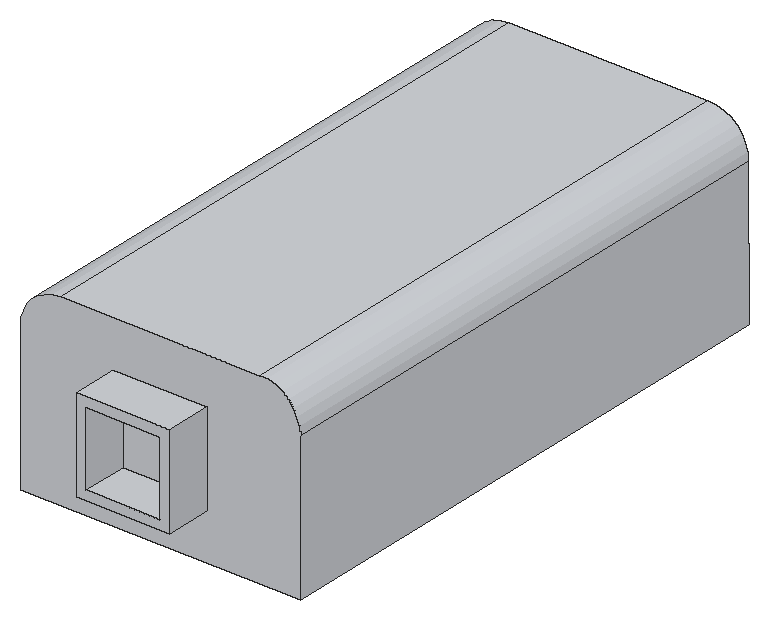
Revit family "STORAGE CONTAINER", category Generic Models, Revit 2025
Family settings
  Can host rebar = No
  Round Connector Dimension = Use Diameter
  Part Type = Normal
  Work Plane-Based = No
  Always vertical = Yes
  Cut with Voids When Loaded = No
  Maintain Annotation Orientation = No
  Shared = No
  Room Calculation Point = No
Parameters
  Default Elevation = 0' - 0"
Reference planes (in)
  plane 1 "Center (Front/Back)": y = 0
  plane 2: z = 0
  plane 3 "Center (Left/Right)": x = 0
Forms (in)
  Extrusion 1, solid
    sketch origin (0, 0, 0) x (1, 0, 0) y (0, 0, 1)
      loop
        line (59.05512, 0) -> (59.05512, 61.74016)
        arc (59.05512, 61.74016) -> (54.07593, 73.76097) -> (42.05512, 78.74016) r 17
        line (42.05512, 78.74016) -> (-42.05512, 78.74016)
        arc (-42.05512, 78.74016) -> (-54.07593, 73.76097) -> (-59.05512, 61.74016) r 17
        line (-59.05512, 61.74016) -> (-59.05512, 0) -> (59.05512, 0)
    from 118.10938 to -118.10938
  Extrusion 2, solid
    sketch origin (0, 0, 0) x (1, 0, 0) y (0, 0, 1)
      loop
        line (-19.68504, 59.05512) -> (-19.68504, 19.68504) -> (19.68504, 19.68504) -> (19.68504, 59.05512) -> (-19.68504, 59.05512)
      loop
        line (15.68504, 55.05512) -> (-15.68504, 55.05512) -> (-15.68504, 23.68504) -> (15.68504, 23.68504) -> (15.68504, 55.05512)
    from -118.10938 to -137.79688
  Extrusion 3, solid
    sketch origin (0, -236.21875, 0) x (1, 0, 0) y (0, 0, -1)
      loop
        line (-19.68504, -59.05512) -> (19.68504, -59.05512) -> (19.68504, -19.68504) -> (-19.68504, -19.68504) -> (-19.68504, -59.05512)
      loop
        line (-15.68504, -23.68504) -> (-15.68504, -55.05512) -> (15.68504, -55.05512) -> (15.68504, -23.68504) -> (-15.68504, -23.68504)
    from 118.10938 to 98.42578
Dimensions and locks (in)
  Extrusion 1 to level = 6' - 6.74016"
  Extrusion 3 to Extrusion 3 to Extrusion 3 to Extrusion 3 to level = 0' - 4", 2' - 7.37008", 0' - 4", 1' - 7.68504"
  Extrusion 3 to Extrusion 1 = 4' - 11.05512"
  Extrusion 3 to plane 3 "Center (Left/Right)" = 1' - 7.68504"
  aligned and locked: plane 2 to level
